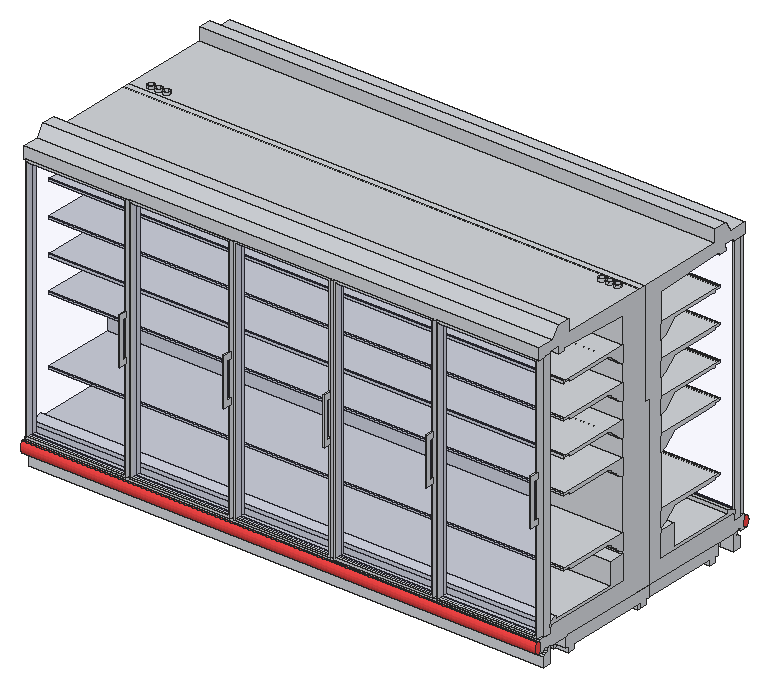
Revit family
Parameters (values of type "RLTI-5")
  URL = "www.hussmann.com"
  Model = "RLTI-5"
  Manufacturer = "HUSSMANN CORP"
  Description = "5-Door Reach-In Low Temp Island Case"
  Bumper Rail = none
  208v Elect. Def. Htrs. #2 = 19.2 A
  208v Elect. Def. Htrs. #1 = 19.2 A
  120v Lights (LED) #2 = 1.13 A
  120v Lights (LED) #1 = 1.13 A
  120v EE Fans (MCA) #2 = 10.09 A
  120v EE Fans (MCA) #1 = 10.09 A
  120v Drain Htrs. #2 = 2.5 A
  120v Drain Htrs. #1 = 2.5 A
Reference planes (in)
  plane 1 "Center (Front/Back)": y = 0
  plane 2: z = 0
  plane 3 "Center (Left/Right)": x = 0
  plane 4: x = 62
  plane 5: y = -39.57714
  plane 6: z = 4.75
  plane 7: x = 31
  plane 8: x = 30.5
  plane 9: x = 31.5
  plane 10: x = 0.5
  plane 11: x = 61.5
  plane 12: z = 82.75017
  plane 13: z = 8.25017
  plane 14: x = 30
  plane 15: x = 32
  plane 16: x = 1
  plane 17: x = 61
  plane 18: z = 8.75017
  plane 19: z = 82.25017
  plane 20: y = -38.32714
  plane 21: y = -36.45214
  plane 22: y = -40.6155
  plane 23: z = 89.00011
  plane 24: z = 86.00442
  plane 25: x = 122.875
  plane 26: x = 91.87738
  plane 27: x = 91.37738
  plane 28: x = 90.87738
  plane 29: x = 153.375
  plane 30: x = 122.37738
  plane 31: x = 121.87738
  plane 32: x = 121.37738
  plane 33: y = 39.57714
  plane 34: y = 38.32714
  plane 35: y = 36.45214
  plane 36: y = 40.6155
Forms (in)
  Extrusion 1, solid
    sketch origin (0, 2.5625, 0) x (0, 1, 0) y (0, 0, 1)
      loop
        line (-40.6, 8.25017) -> (-40.6, 4.265) -> (-39.3376, 4.265) -> (-38.7126, 5.34753) -> (-37.67764, 4.75) -> (0, 4.75) -> (0, 54.406) -> (-1.626, 54.406) -> (-1.626, 85.375) -> (-29.626, 85.375) -> (-29.626, 89.00011) -> (-33.6202, 89.00011) -> (-35.7178, 86.00442) -> (-40.87784, 86.00442) -> (-40.87784, 82.75442) -> (-36.90797, 82.75442) -> (-36.90797, 83.34417) -> (-33.56579, 83.34417) -> (-33.65569, 81.38621) -> (-31.65779, 81.29448) -> (-31.6237, 82.03699) -> (-9.64685, 81.02795) -> (-9.64685, 10.27795) -> (-36.64685, 10.27795) -> (-36.64685, 9.94983) -> (-36.98797, 9.94983) -> (-36.98797, 8.25017) -> (-40.6, 8.25017)
    from 0 to 153.375
  Extrusion 2, solid
    sketch origin (0, 2.5625, 0) x (1, 0, 0) y (0, 1, 0)
      loop
        line (4, -36.707) -> (10, -36.707) -> (10, -35.86) -> (9, -35.86) -> (9, -30.528) -> (10, -30.528) -> (10, -29.778) -> (4, -29.778) -> (4, -30.528) -> (5, -30.528) -> (5, -35.86) -> (4, -35.86) -> (4, -36.707)
      loop
        line (143.375, -36.707) -> (149.375, -36.707) -> (149.375, -35.86) -> (148.375, -35.86) -> (148.375, -30.528) -> (149.375, -30.528) -> (149.375, -29.778) -> (143.375, -29.778) -> (143.375, -30.528) -> (144.375, -30.528) -> (144.375, -35.86) -> (143.375, -35.86) -> (143.375, -36.707)
      loop
        line (97.6875, -36.707) -> (103.6875, -36.707) -> (103.6875, -35.86) -> (102.6875, -35.86) -> (102.6875, -30.528) -> (103.6875, -30.528) -> (103.6875, -29.778) -> (97.6875, -29.778) -> (97.6875, -30.528) -> (98.6875, -30.528) -> (98.6875, -35.86) -> (97.6875, -35.86) -> (97.6875, -36.707)
      loop
        line (49.6875, -36.707) -> (55.6875, -36.707) -> (55.6875, -35.86) -> (54.6875, -35.86) -> (54.6875, -30.528) -> (55.6875, -30.528) -> (55.6875, -29.778) -> (49.6875, -29.778) -> (49.6875, -30.528) -> (50.6875, -30.528) -> (50.6875, -35.86) -> (49.6875, -35.86) -> (49.6875, -36.707)
    from 0 to 4.639
  Extrusion 3, solid
    sketch origin (0, 2.5625, 0) x (0, 1, 0) y (0, 0, 1)
      loop
        line (-37.67764, 4.75) -> (-37.471, 3.6869) -> (-38.14784, 3.6869) -> (-38.22804, 3.548) -> (-38.79179, 3.34281) -> (-39, 3.02219) -> (-39, 0) -> (-36.707, 0) -> (-36.707, 4.75) -> (-37.67764, 4.75)
    from 0 to 153.375
  Extrusion 4, solid
    sketch origin (0, 2.5625, 0) x (0, 1, 0) y (0, 0, 1)
      loop
        line (-30.75, 4.75) -> (-30.75, 1.556) -> (-29.691, 1.556) -> (-29.691, 0) -> (-27.799, 0) -> (-27.799, 1.556) -> (-2.895, 1.556) -> (-2.895, 0) -> (-1.003, 0) -> (-1.003, 1.556) -> (0, 1.556) -> (0, 4.75) -> (-30.75, 4.75)
    from 0 to 153.375
  Extrusion 5, solid
    sketch origin (0, 2.5625, 0) x (0, 1, 0) y (0, 0, 1)
      loop
        line (-9.64685, 10.27795) -> (-9.64685, 17.37517) -> (-14.2885, 17.37517) -> (-14.2885, 10.94933) -> (-34.45597, 10.94933) -> (-34.45597, 11.95641) -> (-37.00724, 10.94933) -> (-37.00724, 9.94933) -> (-36.6378, 9.94933) -> (-36.6378, 10.27795) -> (-9.64685, 10.27795)
    from 0 to 153.375
  Extrusion 6, solid
    sketch origin (0, 2.5625, 0) x (0, 1, 0) y (0, 0, 1)
      loop
        line (-9.64685, 23.17405) -> (-31.4298, 23.17405) -> (-31.4298, 23.3192) -> (-31.6635, 23.21022) -> (-31.6635, 22.58599) -> (-31.29125, 22.8665) -> (-31.11141, 22.74057) -> (-29.50986, 22.74057) -> (-29.50986, 22.24057) -> (-28.63922, 22.21017) -> (-28.63922, 22.11574) -> (-14.76647, 22.11574) -> (-10.99391, 18.8565) -> (-10.00662, 18.37496) -> (-9.64685, 18.37496) -> (-9.64685, 23.17405)
      loop
        line (-9.64685, 43.17405) -> (-31.4298, 43.17405) -> (-31.4298, 43.3192) -> (-31.6635, 43.21022) -> (-31.6635, 42.58599) -> (-31.29125, 42.8665) -> (-31.11141, 42.74057) -> (-29.50986, 42.74057) -> (-29.50986, 42.24057) -> (-28.63922, 42.21017) -> (-28.63922, 42.11574) -> (-14.76647, 42.11574) -> (-10.99391, 38.8565) -> (-10.00662, 38.37496) -> (-9.64685, 38.37496) -> (-9.64685, 43.17405)
      loop
        line (-9.64685, 53.17405) -> (-31.4298, 53.17405) -> (-31.4298, 53.3192) -> (-31.6635, 53.21022) -> (-31.6635, 52.58599) -> (-31.29125, 52.8665) -> (-31.11141, 52.74057) -> (-29.50986, 52.74057) -> (-29.50986, 52.24057) -> (-28.63922, 52.21017) -> (-28.63922, 52.11574) -> (-14.76647, 52.11574) -> (-10.99391, 48.8565) -> (-10.00662, 48.37496) -> (-9.64685, 48.37496) -> (-9.64685, 53.17405)
      loop
        line (-9.64685, 63.17405) -> (-31.4298, 63.17405) -> (-31.4298, 63.3192) -> (-31.6635, 63.21022) -> (-31.6635, 62.58599) -> (-31.29125, 62.8665) -> (-31.11141, 62.74057) -> (-29.50986, 62.74057) -> (-29.50986, 62.24057) -> (-28.63922, 62.21017) -> (-28.63922, 62.11574) -> (-14.76647, 62.11574) -> (-10.99391, 58.8565) -> (-10.00662, 58.37496) -> (-9.64685, 58.37496) -> (-9.64685, 63.17405)
      loop
        line (-9.64685, 73.17405) -> (-31.4298, 73.17405) -> (-31.4298, 73.3192) -> (-31.6635, 73.21022) -> (-31.6635, 72.58599) -> (-31.29125, 72.8665) -> (-31.11141, 72.74057) -> (-29.50986, 72.74057) -> (-29.50986, 72.24057) -> (-28.63922, 72.21017) -> (-28.63922, 72.11574) -> (-14.76647, 72.11574) -> (-10.99391, 68.8565) -> (-10.00662, 68.37496) -> (-9.64685, 68.37496) -> (-9.64685, 73.17405)
    from 0 to 153.375
  Extrusion 7, solid, material "Render Material 255-0-0"
    sketch origin (0, 2.5625, 0) x (0, 1, 0) y (0, 0, 1)
      loop
        line (-40.6, 7.23837) -> (-41.07283, 7.7112) -> (-41.39244, 7.7112)
        arc (-41.39244, 7.7112) -> (-42.13964, 6.12628) -> (-41.39244, 4.54135) r 2.05454
        line (-41.39244, 4.54135) -> (-41.07408, 4.54135) -> (-40.6, 5.01543) -> (-40.6, 7.23837)
    from 0 to 153.375
  Extrusion 8, solid
    sketch origin (0, 2.5625, 0) x (0, 1, 0) y (0, 0, 1)
      loop
        line (-38.8929, 82.75442) -> (-38.8929, 8.25017) -> (-36.98797, 8.25017) -> (-36.98797, 82.75442) -> (-38.8929, 82.75442)
    from 0 to 0.5
  Extrusion 9, solid
    sketch origin (30.5, 2.46743, 0) x (0, 1, 0) y (0, 0, 1)
      loop
        line (-38.8929, 82.75442) -> (-38.8929, 8.25017) -> (-36.98797, 8.25017) -> (-36.98797, 82.75442) -> (-38.8929, 82.75442)
    from 0 to 1
  Extrusion 10, solid
    sketch origin (0, 2.5625, 0) x (1, 0, 0) y (0, 0, 1)
      loop
        line (0.5, 8.25017) -> (30.5, 8.25017) -> (30.5, 82.75442) -> (0.5, 82.75442) -> (0.5, 8.25017)
      loop
        line (1, 8.75017) -> (30, 8.75017) -> (30, 82.25017) -> (1, 82.25017) -> (1, 8.75017)
    from 39 to 40.87784
  Extrusion 11, solid, material "Glass"
    sketch origin (0, 2.5625, 0) x (1, 0, 0) y (0, 0, 1)
      loop
        line (1, 8.75017) -> (30, 8.75017) -> (30, 82.25017) -> (1, 82.25017) -> (1, 8.75017)
    from 39.65088 to 40.28076
  Extrusion 12, solid
    sketch origin (31, 2.5625, 0) x (1, 0, 0) y (0, 0, 1)
      loop
        line (0.5, 8.25017) -> (30.5, 8.25017) -> (30.5, 82.75442) -> (0.5, 82.75442) -> (0.5, 8.25017)
      loop
        line (1, 8.75017) -> (30, 8.75017) -> (30, 82.25017) -> (1, 82.25017) -> (1, 8.75017)
    from 39 to 40.87784
  Extrusion 13, solid, material "Glass"
    sketch origin (31, 2.5625, 0) x (1, 0, 0) y (0, 0, 1)
      loop
        line (1, 8.75017) -> (30, 8.75017) -> (30, 82.25017) -> (1, 82.25017) -> (1, 8.75017)
    from 39.65088 to 40.28076
  Extrusion 14, solid
    sketch origin (0, 2.5625, 0) x (0, 1, 0) y (0, 0, 1)
      loop
        line (-40.875, 52.65143) -> (-43.16337, 52.65143) -> (-43.16337, 38.65143) -> (-40.87784, 38.65143) -> (-40.87784, 40.40143) -> (-42.26191, 40.40143) -> (-42.26191, 50.90143) -> (-40.875, 50.90143) -> (-40.875, 52.65143)
    from 30 to 30.5
  Extrusion 15, solid
    sketch origin (38.5, 2.5625, 0) x (1, 0, 0) y (0, 1, 0)
      loop
        circle (38.125, -34.62535) r 0.625
      loop
        circle (38.125, -34.62535) r 0.5578
    from 3.875 to 4.75
  Extrusion 16, solid
    sketch origin (91.375, 2.5625, 0) x (1, 0, 0) y (0, 1, 0)
      loop
        circle (57.125, -5.5) r 0.9375
      loop
        circle (57.125, -5.5) r 0.84894
    from 85.375 to 86.00442
  Extrusion 17, solid
    sketch origin (89, 2.5625, 0) x (1, 0, 0) y (0, 1, 0)
      loop
        circle (57.125, -5.5) r 0.9375
      loop
        circle (57.125, -5.5) r 0.84894
    from 85.375 to 86.00442
  Extrusion 18, solid
    sketch origin (86.625, 2.5625, 0) x (1, 0, 0) y (0, 1, 0)
      loop
        circle (57.125, -5.5) r 0.9375
      loop
        circle (57.125, -5.5) r 0.84894
    from 85.36717 to 86
  Extrusion 19, solid
    sketch origin (7.25, 0.8125, 0) x (1, 0, 0) y (0, 1, 0)
      loop
        circle (2.75, -29.626) r 0.5
      loop
        circle (2.75, -29.626) r 0.47014
    from 3.875 to 4.75
  Extrusion 20, solid
    sketch origin (9.75, 0.8125, 0) x (1, 0, 0) y (0, 1, 0)
      loop
        circle (2.75, -29.626) r 0.5
      loop
        circle (2.75, -29.626) r 0.47014
    from 3.875 to 4.75
  Extrusion 21, solid
    sketch origin (12.25, 0.8125, 0) x (1, 0, 0) y (0, 1, 0)
      loop
        circle (2.75, -29.626) r 0.5
      loop
        circle (2.75, -29.626) r 0.47014
    from 3.875 to 4.75
  Extrusion 22, solid
    sketch origin (91.875, 2.5625, 0) x (1, 0, 0) y (0, 0, 1)
      loop
        line (0.5, 8.25017) -> (30, 8.25017) -> (30, 82.75442) -> (0.5, 82.75442) -> (0.5, 8.25017)
      loop
        line (1, 8.75017) -> (29.50238, 8.75017) -> (29.50238, 82.25017) -> (1, 82.25017) -> (1, 8.75017)
    from 39 to 40.87784
  Extrusion 23, solid, material "Glass"
    sketch origin (91.875, 2.5625, 0) x (1, 0, 0) y (0, 0, 1)
      loop
        line (1, 8.75017) -> (29.50238, 8.75017) -> (29.50238, 82.25017) -> (1, 82.25017) -> (1, 8.75017)
    from 39.65088 to 40.28076
  Extrusion 24, solid
    sketch origin (60.875, 2.59803, 0) x (0, 1, 0) y (0, 0, 1)
      loop
        line (-40.875, 52.65143) -> (-43.16337, 52.65143) -> (-43.16337, 38.65143) -> (-40.87784, 38.65143) -> (-40.87784, 40.40143) -> (-42.26191, 40.40143) -> (-42.26191, 50.90143) -> (-40.875, 50.90143) -> (-40.875, 52.65143)
    from 30 to 30.5
  Extrusion 25, solid
    sketch origin (61.5, 2.46743, 0) x (0, 1, 0) y (0, 0, 1)
      loop
        line (-38.8929, 82.75442) -> (-38.8929, 8.25017) -> (-36.98797, 8.25017) -> (-36.98797, 82.75442) -> (-38.8929, 82.75442)
    from 0 to 1
  Extrusion 26, solid
    sketch origin (62, 2.5625, 0) x (1, 0, 0) y (0, 0, 1)
      loop
        line (0.5, 8.25017) -> (29.37738, 8.25017) -> (29.37738, 82.75442) -> (0.5, 82.75442) -> (0.5, 8.25017)
      loop
        line (1, 8.75017) -> (28.87738, 8.75017) -> (28.87738, 82.25017) -> (1, 82.25017) -> (1, 8.75017)
    from 39 to 40.87784
  Extrusion 27, solid, material "Glass"
    sketch origin (62, 2.5625, 0) x (1, 0, 0) y (0, 0, 1)
      loop
        line (1, 8.75017) -> (28.87738, 8.75017) -> (28.87738, 82.25017) -> (1, 82.25017) -> (1, 8.75017)
    from 39.65088 to 40.28076
  Extrusion 28, solid
    sketch origin (31, 2.59803, 0) x (0, 1, 0) y (0, 0, 1)
      loop
        line (-40.875, 52.65143) -> (-43.16337, 52.65143) -> (-43.16337, 38.65143) -> (-40.87784, 38.65143) -> (-40.87784, 40.40143) -> (-42.26191, 40.40143) -> (-42.26191, 50.90143) -> (-40.875, 50.90143) -> (-40.875, 52.65143)
    from 30 to 30.5
  Extrusion 29, solid
    sketch origin (91.37738, 2.0676, 0) x (0, 1, 0) y (0, 0, 1)
      loop
        line (-38.8929, 82.75442) -> (-38.8929, 8.25017) -> (-36.98797, 8.25017) -> (-36.98797, 82.75442) -> (-38.8929, 82.75442)
    from 0 to 1
  Extrusion 30, solid
    sketch origin (91.375, 2.59803, 0) x (0, 1, 0) y (0, 0, 1)
      loop
        line (-40.875, 52.65143) -> (-43.16337, 52.65143) -> (-43.16337, 38.65143) -> (-40.87784, 38.65143) -> (-40.87784, 40.40143) -> (-42.26191, 40.40143) -> (-42.26191, 50.90143) -> (-40.875, 50.90143) -> (-40.875, 52.65143)
    from 30 to 30.5
  Extrusion 31, solid
    sketch origin (152.875, 2.5256, 0) x (0, 1, 0) y (0, 0, 1)
      loop
        line (-38.8929, 82.75442) -> (-38.8929, 8.25017) -> (-36.98797, 8.25017) -> (-36.98797, 82.75442) -> (-38.8929, 82.75442)
    from 0 to 0.5
  Extrusion 32, solid
    sketch origin (122.375, 2.5625, 0) x (1, 0, 0) y (0, 0, 1)
      loop
        line (0.5, 8.25017) -> (30.5, 8.25017) -> (30.5, 82.75442) -> (0.5, 82.75442) -> (0.5, 8.25017)
      loop
        line (1, 8.75017) -> (30, 8.75017) -> (30, 82.25017) -> (1, 82.25017) -> (1, 8.75017)
    from 39 to 40.87784
  Extrusion 33, solid, material "Glass"
    sketch origin (122.375, 2.5625, 0) x (1, 0, 0) y (0, 0, 1)
      loop
        line (1, 8.75017) -> (30, 8.75017) -> (30, 82.25017) -> (1, 82.25017) -> (1, 8.75017)
    from 39.65088 to 40.28076
  Extrusion 34, solid
    sketch origin (122.375, 2.59803, 0) x (0, 1, 0) y (0, 0, 1)
      loop
        line (-40.875, 52.65143) -> (-43.16337, 52.65143) -> (-43.16337, 38.65143) -> (-40.87784, 38.65143) -> (-40.87784, 40.40143) -> (-42.26191, 40.40143) -> (-42.26191, 50.90143) -> (-40.875, 50.90143) -> (-40.875, 52.65143)
    from 30 to 30.5
  Extrusion 35, solid
    sketch origin (121.87738, 2.0676, 0) x (0, 1, 0) y (0, 0, 1)
      loop
        line (-38.8929, 82.75442) -> (-38.8929, 8.25017) -> (-36.98797, 8.25017) -> (-36.98797, 82.75442) -> (-38.8929, 82.75442)
    from 0 to 1
  Extrusion 36, solid
    sketch origin (153.375, -2.5625, 0) x (0, -1, 0) y (0, 0, 1)
      loop
        line (-40.6, 8.25017) -> (-40.6, 4.265) -> (-39.3376, 4.265) -> (-38.7126, 5.34753) -> (-37.67764, 4.75) -> (0, 4.75) -> (0, 54.406) -> (-1.626, 54.406) -> (-1.626, 85.375) -> (-29.626, 85.375) -> (-29.626, 89.00011) -> (-33.6202, 89.00011) -> (-35.7178, 86.00442) -> (-40.87784, 86.00442) -> (-40.87784, 82.75442) -> (-36.90797, 82.75442) -> (-36.90797, 83.34417) -> (-33.56579, 83.34417) -> (-33.65569, 81.38621) -> (-31.65779, 81.29448) -> (-31.6237, 82.03699) -> (-9.64685, 81.02795) -> (-9.64685, 10.27795) -> (-36.64685, 10.27795) -> (-36.64685, 9.94983) -> (-36.98797, 9.94983) -> (-36.98797, 8.25017) -> (-40.6, 8.25017)
    from 0 to 153.375
  Extrusion 37, solid
    sketch origin (153.375, -2.5625, 0) x (-1, 0, 0) y (0, -1, 0)
      loop
        line (4, -36.707) -> (10, -36.707) -> (10, -35.86) -> (9, -35.86) -> (9, -30.528) -> (10, -30.528) -> (10, -29.778) -> (4, -29.778) -> (4, -30.528) -> (5, -30.528) -> (5, -35.86) -> (4, -35.86) -> (4, -36.707)
      loop
        line (143.375, -36.707) -> (149.375, -36.707) -> (149.375, -35.86) -> (148.375, -35.86) -> (148.375, -30.528) -> (149.375, -30.528) -> (149.375, -29.778) -> (143.375, -29.778) -> (143.375, -30.528) -> (144.375, -30.528) -> (144.375, -35.86) -> (143.375, -35.86) -> (143.375, -36.707)
      loop
        line (97.6875, -36.707) -> (103.6875, -36.707) -> (103.6875, -35.86) -> (102.6875, -35.86) -> (102.6875, -30.528) -> (103.6875, -30.528) -> (103.6875, -29.778) -> (97.6875, -29.778) -> (97.6875, -30.528) -> (98.6875, -30.528) -> (98.6875, -35.86) -> (97.6875, -35.86) -> (97.6875, -36.707)
      loop
        line (49.6875, -36.707) -> (55.6875, -36.707) -> (55.6875, -35.86) -> (54.6875, -35.86) -> (54.6875, -30.528) -> (55.6875, -30.528) -> (55.6875, -29.778) -> (49.6875, -29.778) -> (49.6875, -30.528) -> (50.6875, -30.528) -> (50.6875, -35.86) -> (49.6875, -35.86) -> (49.6875, -36.707)
    from 0 to 4.639
  Extrusion 38, solid
    sketch origin (153.375, -2.5625, 0) x (0, -1, 0) y (0, 0, 1)
      loop
        line (-37.67764, 4.75) -> (-37.471, 3.6869) -> (-38.14784, 3.6869) -> (-38.22804, 3.548) -> (-38.79179, 3.34281) -> (-39, 3.02219) -> (-39, 0) -> (-36.707, 0) -> (-36.707, 4.75) -> (-37.67764, 4.75)
    from 0 to 153.375
  Extrusion 39, solid
    sketch origin (153.375, -2.5625, 0) x (0, -1, 0) y (0, 0, 1)
      loop
        line (-30.75, 4.75) -> (-30.75, 1.556) -> (-29.691, 1.556) -> (-29.691, 0) -> (-27.799, 0) -> (-27.799, 1.556) -> (-2.895, 1.556) -> (-2.895, 0) -> (-1.003, 0) -> (-1.003, 1.556) -> (0, 1.556) -> (0, 4.75) -> (-30.75, 4.75)
    from 0 to 153.375
  Extrusion 40, solid
    sketch origin (153.375, -2.5625, 0) x (0, -1, 0) y (0, 0, 1)
      loop
        line (-9.64685, 10.27795) -> (-9.64685, 17.37517) -> (-14.2885, 17.37517) -> (-14.2885, 10.94933) -> (-34.45597, 10.94933) -> (-34.45597, 11.95641) -> (-37.00724, 10.94933) -> (-37.00724, 9.94933) -> (-36.6378, 9.94933) -> (-36.6378, 10.27795) -> (-9.64685, 10.27795)
    from 0 to 153.375
  Extrusion 41, solid
    sketch origin (153.375, -2.5625, 0) x (0, -1, 0) y (0, 0, 1)
      loop
        line (-9.64685, 23.17405) -> (-31.4298, 23.17405) -> (-31.4298, 23.3192) -> (-31.6635, 23.21022) -> (-31.6635, 22.58599) -> (-31.29125, 22.8665) -> (-31.11141, 22.74057) -> (-29.50986, 22.74057) -> (-29.50986, 22.24057) -> (-28.63922, 22.21017) -> (-28.63922, 22.11574) -> (-14.76647, 22.11574) -> (-10.99391, 18.8565) -> (-10.00662, 18.37496) -> (-9.64685, 18.37496) -> (-9.64685, 23.17405)
      loop
        line (-9.64685, 43.17405) -> (-31.4298, 43.17405) -> (-31.4298, 43.3192) -> (-31.6635, 43.21022) -> (-31.6635, 42.58599) -> (-31.29125, 42.8665) -> (-31.11141, 42.74057) -> (-29.50986, 42.74057) -> (-29.50986, 42.24057) -> (-28.63922, 42.21017) -> (-28.63922, 42.11574) -> (-14.76647, 42.11574) -> (-10.99391, 38.8565) -> (-10.00662, 38.37496) -> (-9.64685, 38.37496) -> (-9.64685, 43.17405)
      loop
        line (-9.64685, 53.17405) -> (-31.4298, 53.17405) -> (-31.4298, 53.3192) -> (-31.6635, 53.21022) -> (-31.6635, 52.58599) -> (-31.29125, 52.8665) -> (-31.11141, 52.74057) -> (-29.50986, 52.74057) -> (-29.50986, 52.24057) -> (-28.63922, 52.21017) -> (-28.63922, 52.11574) -> (-14.76647, 52.11574) -> (-10.99391, 48.8565) -> (-10.00662, 48.37496) -> (-9.64685, 48.37496) -> (-9.64685, 53.17405)
      loop
        line (-9.64685, 63.17405) -> (-31.4298, 63.17405) -> (-31.4298, 63.3192) -> (-31.6635, 63.21022) -> (-31.6635, 62.58599) -> (-31.29125, 62.8665) -> (-31.11141, 62.74057) -> (-29.50986, 62.74057) -> (-29.50986, 62.24057) -> (-28.63922, 62.21017) -> (-28.63922, 62.11574) -> (-14.76647, 62.11574) -> (-10.99391, 58.8565) -> (-10.00662, 58.37496) -> (-9.64685, 58.37496) -> (-9.64685, 63.17405)
      loop
        line (-9.64685, 73.17405) -> (-31.4298, 73.17405) -> (-31.4298, 73.3192) -> (-31.6635, 73.21022) -> (-31.6635, 72.58599) -> (-31.29125, 72.8665) -> (-31.11141, 72.74057) -> (-29.50986, 72.74057) -> (-29.50986, 72.24057) -> (-28.63922, 72.21017) -> (-28.63922, 72.11574) -> (-14.76647, 72.11574) -> (-10.99391, 68.8565) -> (-10.00662, 68.37496) -> (-9.64685, 68.37496) -> (-9.64685, 73.17405)
    from 0 to 153.375
  Extrusion 42, solid, material "Render Material 255-0-0"
    sketch origin (153.375, -2.5625, 0) x (0, -1, 0) y (0, 0, 1)
      loop
        line (-40.6, 7.23837) -> (-41.07283, 7.7112) -> (-41.39244, 7.7112)
        arc (-41.39244, 7.7112) -> (-42.13964, 6.12628) -> (-41.39244, 4.54135) r 2.05454
        line (-41.39244, 4.54135) -> (-41.07408, 4.54135) -> (-40.6, 5.01543) -> (-40.6, 7.23837)
    from 0 to 153.375
  Extrusion 43, solid
    sketch origin (153.375, -2.5625, 0) x (0, -1, 0) y (0, 0, 1)
      loop
        line (-38.8929, 82.75442) -> (-38.8929, 8.25017) -> (-36.98797, 8.25017) -> (-36.98797, 82.75442) -> (-38.8929, 82.75442)
    from 0 to 0.5
  Extrusion 44, solid
    sketch origin (122.875, -2.46743, 0) x (0, -1, 0) y (0, 0, 1)
      loop
        line (-38.8929, 82.75442) -> (-38.8929, 8.25017) -> (-36.98797, 8.25017) -> (-36.98797, 82.75442) -> (-38.8929, 82.75442)
    from 0 to 1
  Extrusion 45, solid
    sketch origin (153.375, -2.5625, 0) x (-1, 0, 0) y (0, 0, 1)
      loop
        line (0.5, 8.25017) -> (30.5, 8.25017) -> (30.5, 82.75442) -> (0.5, 82.75442) -> (0.5, 8.25017)
      loop
        line (1, 8.75017) -> (30, 8.75017) -> (30, 82.25017) -> (1, 82.25017) -> (1, 8.75017)
    from 39 to 40.87784
  Extrusion 46, solid, material "Glass"
    sketch origin (153.375, -2.5625, 0) x (-1, 0, 0) y (0, 0, 1)
      loop
        line (1, 8.75017) -> (30, 8.75017) -> (30, 82.25017) -> (1, 82.25017) -> (1, 8.75017)
    from 39.65088 to 40.28076
  Extrusion 47, solid
    sketch origin (122.375, -2.5625, 0) x (-1, 0, 0) y (0, 0, 1)
      loop
        line (0.5, 8.25017) -> (30.5, 8.25017) -> (30.5, 82.75442) -> (0.5, 82.75442) -> (0.5, 8.25017)
      loop
        line (1, 8.75017) -> (30, 8.75017) -> (30, 82.25017) -> (1, 82.25017) -> (1, 8.75017)
    from 39 to 40.87784
  Extrusion 48, solid, material "Glass"
    sketch origin (122.375, -2.5625, 0) x (-1, 0, 0) y (0, 0, 1)
      loop
        line (1, 8.75017) -> (30, 8.75017) -> (30, 82.25017) -> (1, 82.25017) -> (1, 8.75017)
    from 39.65088 to 40.28076
  Extrusion 49, solid
    sketch origin (153.375, -2.5625, 0) x (0, -1, 0) y (0, 0, 1)
      loop
        line (-40.875, 52.65143) -> (-43.16337, 52.65143) -> (-43.16337, 38.65143) -> (-40.87784, 38.65143) -> (-40.87784, 40.40143) -> (-42.26191, 40.40143) -> (-42.26191, 50.90143) -> (-40.875, 50.90143) -> (-40.875, 52.65143)
    from 30 to 30.5
  Extrusion 50, solid
    sketch origin (114.875, -2.5625, 0) x (-1, 0, 0) y (0, -1, 0)
      loop
        circle (38.125, -34.62535) r 0.625
      loop
        circle (38.125, -34.62535) r 0.5578
    from 3.875 to 4.75
  Extrusion 51, solid
    sketch origin (62, -2.5625, 0) x (-1, 0, 0) y (0, -1, 0)
      loop
        circle (57.125, -5.5) r 0.9375
      loop
        circle (57.125, -5.5) r 0.84894
    from 85.375 to 86.00442
  Extrusion 52, solid
    sketch origin (64.375, -2.5625, 0) x (-1, 0, 0) y (0, -1, 0)
      loop
        circle (57.125, -5.5) r 0.9375
      loop
        circle (57.125, -5.5) r 0.84894
    from 85.375 to 86.00442
  Extrusion 53, solid
    sketch origin (66.75, -2.5625, 0) x (-1, 0, 0) y (0, -1, 0)
      loop
        circle (57.125, -5.5) r 0.9375
      loop
        circle (57.125, -5.5) r 0.84894
    from 85.36717 to 86
  Extrusion 54, solid
    sketch origin (146.125, -0.8125, 0) x (-1, 0, 0) y (0, -1, 0)
      loop
        circle (2.75, -29.626) r 0.5
      loop
        circle (2.75, -29.626) r 0.47014
    from 3.875 to 4.75
  Extrusion 55, solid
    sketch origin (143.625, -0.8125, 0) x (-1, 0, 0) y (0, -1, 0)
      loop
        circle (2.75, -29.626) r 0.5
      loop
        circle (2.75, -29.626) r 0.47014
    from 3.875 to 4.75
  Extrusion 56, solid
    sketch origin (141.125, -0.8125, 0) x (-1, 0, 0) y (0, -1, 0)
      loop
        circle (2.75, -29.626) r 0.5
      loop
        circle (2.75, -29.626) r 0.47014
    from 3.875 to 4.75
  Extrusion 57, solid
    sketch origin (61.5, -2.5625, 0) x (-1, 0, 0) y (0, 0, 1)
      loop
        line (0.5, 8.25017) -> (30, 8.25017) -> (30, 82.75442) -> (0.5, 82.75442) -> (0.5, 8.25017)
      loop
        line (1, 8.75017) -> (29.50238, 8.75017) -> (29.50238, 82.25017) -> (1, 82.25017) -> (1, 8.75017)
    from 39 to 40.87784
  Extrusion 58, solid, material "Glass"
    sketch origin (61.5, -2.5625, 0) x (-1, 0, 0) y (0, 0, 1)
      loop
        line (1, 8.75017) -> (29.50238, 8.75017) -> (29.50238, 82.25017) -> (1, 82.25017) -> (1, 8.75017)
    from 39.65088 to 40.28076
  Extrusion 59, solid
    sketch origin (92.5, -2.59803, 0) x (0, -1, 0) y (0, 0, 1)
      loop
        line (-40.875, 52.65143) -> (-43.16337, 52.65143) -> (-43.16337, 38.65143) -> (-40.87784, 38.65143) -> (-40.87784, 40.40143) -> (-42.26191, 40.40143) -> (-42.26191, 50.90143) -> (-40.875, 50.90143) -> (-40.875, 52.65143)
    from 30 to 30.5
  Extrusion 60, solid
    sketch origin (91.875, -2.46743, 0) x (0, -1, 0) y (0, 0, 1)
      loop
        line (-38.8929, 82.75442) -> (-38.8929, 8.25017) -> (-36.98797, 8.25017) -> (-36.98797, 82.75442) -> (-38.8929, 82.75442)
    from 0 to 1
  Extrusion 61, solid
    sketch origin (91.375, -2.5625, 0) x (-1, 0, 0) y (0, 0, 1)
      loop
        line (0.5, 8.25017) -> (29.37738, 8.25017) -> (29.37738, 82.75442) -> (0.5, 82.75442) -> (0.5, 8.25017)
      loop
        line (1, 8.75017) -> (28.87738, 8.75017) -> (28.87738, 82.25017) -> (1, 82.25017) -> (1, 8.75017)
    from 39 to 40.87784
  Extrusion 62, solid, material "Glass"
    sketch origin (91.375, -2.5625, 0) x (-1, 0, 0) y (0, 0, 1)
      loop
        line (1, 8.75017) -> (28.87738, 8.75017) -> (28.87738, 82.25017) -> (1, 82.25017) -> (1, 8.75017)
    from 39.65088 to 40.28076
  Extrusion 63, solid
    sketch origin (122.375, -2.59803, 0) x (0, -1, 0) y (0, 0, 1)
      loop
        line (-40.875, 52.65143) -> (-43.16337, 52.65143) -> (-43.16337, 38.65143) -> (-40.87784, 38.65143) -> (-40.87784, 40.40143) -> (-42.26191, 40.40143) -> (-42.26191, 50.90143) -> (-40.875, 50.90143) -> (-40.875, 52.65143)
    from 30 to 30.5
  Extrusion 64, solid
    sketch origin (61.99762, -2.0676, 0) x (0, -1, 0) y (0, 0, 1)
      loop
        line (-38.8929, 82.75442) -> (-38.8929, 8.25017) -> (-36.98797, 8.25017) -> (-36.98797, 82.75442) -> (-38.8929, 82.75442)
    from 0 to 1
  Extrusion 65, solid
    sketch origin (62, -2.59803, 0) x (0, -1, 0) y (0, 0, 1)
      loop
        line (-40.875, 52.65143) -> (-43.16337, 52.65143) -> (-43.16337, 38.65143) -> (-40.87784, 38.65143) -> (-40.87784, 40.40143) -> (-42.26191, 40.40143) -> (-42.26191, 50.90143) -> (-40.875, 50.90143) -> (-40.875, 52.65143)
    from 30 to 30.5
  Extrusion 66, solid
    sketch origin (0.5, -2.5256, 0) x (0, -1, 0) y (0, 0, 1)
      loop
        line (-38.8929, 82.75442) -> (-38.8929, 8.25017) -> (-36.98797, 8.25017) -> (-36.98797, 82.75442) -> (-38.8929, 82.75442)
    from 0 to 0.5
  Extrusion 67, solid
    sketch origin (31, -2.5625, 0) x (-1, 0, 0) y (0, 0, 1)
      loop
        line (0.5, 8.25017) -> (30.5, 8.25017) -> (30.5, 82.75442) -> (0.5, 82.75442) -> (0.5, 8.25017)
      loop
        line (1, 8.75017) -> (30, 8.75017) -> (30, 82.25017) -> (1, 82.25017) -> (1, 8.75017)
    from 39 to 40.87784
  Extrusion 68, solid, material "Glass"
    sketch origin (31, -2.5625, 0) x (-1, 0, 0) y (0, 0, 1)
      loop
        line (1, 8.75017) -> (30, 8.75017) -> (30, 82.25017) -> (1, 82.25017) -> (1, 8.75017)
    from 39.65088 to 40.28076
  Extrusion 69, solid
    sketch origin (31, -2.59803, 0) x (0, -1, 0) y (0, 0, 1)
      loop
        line (-40.875, 52.65143) -> (-43.16337, 52.65143) -> (-43.16337, 38.65143) -> (-40.87784, 38.65143) -> (-40.87784, 40.40143) -> (-42.26191, 40.40143) -> (-42.26191, 50.90143) -> (-40.875, 50.90143) -> (-40.875, 52.65143)
    from 30 to 30.5
  Extrusion 70, solid
    sketch origin (31.49762, -2.0676, 0) x (0, -1, 0) y (0, 0, 1)
      loop
        line (-38.8929, 82.75442) -> (-38.8929, 8.25017) -> (-36.98797, 8.25017) -> (-36.98797, 82.75442) -> (-38.8929, 82.75442)
    from 0 to 1
Dimensions and locks (in)
  plane 20 to plane 1 "Center (Front/Back)" = 3' - 2.32714"
  plane 21 to plane 1 "Center (Front/Back)" = 3' - 0.45214"
  plane 5 to plane 1 "Center (Front/Back)" = 3' - 3.57714"
  plane 24 to level = 7' - 2.00442"
  plane 23 to level = 7' - 5.00011"
  plane 3 "Center (Left/Right)" to plane 29 = 12' - 9 3/8"
  plane 5 to plane 33 = 6' - 7.15427"  (x2)
  plane 20 to plane 34 = 6' - 4.65427"
  aligned and locked: Extrusion 8 sketch curve to Extrusion 1  (x2)
  aligned and locked: Extrusion 8 to Extrusion 10 sketch curve  (x2)
  aligned and locked: Extrusion 10 sketch curve to Extrusion 9  (x2)
  aligned and locked: Extrusion 1 to Extrusion 10
  aligned and locked: Extrusion 11 sketch curve to Extrusion 10  (x3)
  aligned and locked: Extrusion 10 to Extrusion 11 sketch curve
  aligned and locked: Extrusion 13 sketch curve to Extrusion 12  (x3)
  aligned and locked: Extrusion 12 to Extrusion 13 sketch curve
  aligned and locked: Extrusion 1 to Extrusion 6
  aligned and locked: Extrusion 1 to Extrusion 5
  aligned and locked: Extrusion 1 to Extrusion 4
  aligned and locked: Extrusion 1 to Extrusion 3
  aligned and locked: Extrusion 23 sketch curve to Extrusion 22  (x3)
  aligned and locked: Extrusion 22 to Extrusion 23 sketch curve
  aligned and locked: Extrusion 27 sketch curve to Extrusion 26  (x3)
  aligned and locked: Extrusion 26 to Extrusion 27 sketch curve
  aligned and locked: Extrusion 7 to Extrusion 1
  aligned and locked: Extrusion 33 sketch curve to Extrusion 32  (x3)
  aligned and locked: Extrusion 32 to Extrusion 33 sketch curve
  aligned and locked: Extrusion 43 sketch curve to Extrusion 36  (x2)
  aligned and locked: Extrusion 43 to Extrusion 45 sketch curve  (x2)
  aligned and locked: Extrusion 45 sketch curve to Extrusion 44  (x2)
  aligned and locked: Extrusion 45 to Extrusion 36
  aligned and locked: Extrusion 46 sketch curve to Extrusion 45  (x3)
  aligned and locked: Extrusion 45 to Extrusion 46 sketch curve
  aligned and locked: Extrusion 48 sketch curve to Extrusion 47  (x3)
  aligned and locked: Extrusion 47 to Extrusion 48 sketch curve
  aligned and locked: Extrusion 41 to Extrusion 36
  aligned and locked: Extrusion 40 to Extrusion 36
  aligned and locked: Extrusion 39 to Extrusion 36
  aligned and locked: Extrusion 38 to Extrusion 36
  aligned and locked: Extrusion 58 sketch curve to Extrusion 57  (x3)
  aligned and locked: Extrusion 57 to Extrusion 58 sketch curve
  aligned and locked: Extrusion 62 sketch curve to Extrusion 61  (x3)
  aligned and locked: Extrusion 61 to Extrusion 62 sketch curve
  aligned and locked: Extrusion 36 to Extrusion 42
  aligned and locked: Extrusion 68 sketch curve to Extrusion 67  (x3)
  aligned and locked: Extrusion 67 to Extrusion 68 sketch curve
Connectors (in)
  piping at (148.5, -2.9375, 85.375)
    settings: on Extrusion 16, index 11, connector radius 7/8", flow factor 0, pipe flow 0 GPM, pressure drop 0.00 psi, fitting loss kfactor 0, connector angle 0.00°, fixture units 0, flow configuration 0, flow direction 2, fitting loss method 0, system type 22, connector reference index -1, connector utility 0, adjustable connector no, is connector primary yes, fitting loss table "", connector description "Refrig. Suction"
  piping at (146.125, -2.9375, 85.375)
    settings: on Extrusion 17, index 12, connector radius 3/8", flow factor 0, pipe flow 0 GPM, pressure drop 0.00 psi, fitting loss kfactor 0, connector angle 0.00°, fixture units 0, flow configuration 0, flow direction 1, fitting loss method 0, system type 22, connector reference index -1, connector utility 0, adjustable connector no, is connector primary no, fitting loss table "", connector description "Refrig. Liquid"
  piping at (143.75, -2.9375, 86)
    settings: on Extrusion 18, index 13, connector radius 7/8", flow factor 0, pipe flow 0 GPM, pressure drop 0.00 psi, fitting loss kfactor 0, connector angle 0.00°, fixture units 0, flow configuration 0, flow direction 1, fitting loss method 0, system type 22, connector reference index -1, connector utility 0, adjustable connector no, is connector primary no, fitting loss table "", connector description "Refrig. Gas"
  electrical at (10, -28.8135, 3.875)
    settings: on Extrusion 19, index 14, voltage 208 V, apparent load 0 VA, apparent load phase1 0 VA, apparent load phase2 0 VA, apparent load phase3 0 VA, power factor 1, load classification "Power", number of poles 1, system type 30, power factor state 1, is connector primary yes, connector utility no, sub classification motor no, connector description ""
  electrical at (12.5, -28.8135, 3.875)
    settings: on Extrusion 20, index 15, voltage 120 V, apparent load 0 VA, apparent load phase1 0 VA, apparent load phase2 0 VA, apparent load phase3 0 VA, power factor 1, load classification "Power", number of poles 1, system type 30, power factor state 1, is connector primary no, connector utility no, sub classification motor no, connector description ""
  electrical at (15, -28.8135, 3.875)
    settings: on Extrusion 21, index 16, voltage 0 V, apparent load 0 VA, apparent load phase1 0 VA, apparent load phase2 0 VA, apparent load phase3 0 VA, power factor 1, load classification "Other", number of poles 1, system type 13, power factor state 1, is connector primary no, connector utility no, sub classification motor no, connector description ""
  piping at (76.625, -32.06285, 3.875)
    settings: on Extrusion 15, index 20, connector radius 1 1/4", flow factor 0, pipe flow 0 GPM, pressure drop 0.00 psi, fitting loss kfactor 0, connector angle 0.00°, fixture units 0, flow configuration 0, flow direction 2, fitting loss method 0, system type 16, connector reference index -1, connector utility 0, adjustable connector no, is connector primary no, fitting loss table "", connector description ""
  piping at (4.875, 2.9375, 85.375)
    settings: on Extrusion 51, index 21, connector radius 7/8", flow factor 0, pipe flow 0 GPM, pressure drop 0.00 psi, fitting loss kfactor 0, connector angle 0.00°, fixture units 0, flow configuration 0, flow direction 2, fitting loss method 0, system type 22, connector reference index -1, connector utility 0, adjustable connector no, is connector primary no, fitting loss table "", connector description "Refrig. Suction"
  piping at (7.25, 2.9375, 85.375)
    settings: on Extrusion 52, index 22, connector radius 3/8", flow factor 0, pipe flow 0 GPM, pressure drop 0.00 psi, fitting loss kfactor 0, connector angle 0.00°, fixture units 0, flow configuration 0, flow direction 1, fitting loss method 0, system type 22, connector reference index -1, connector utility 0, adjustable connector no, is connector primary no, fitting loss table "", connector description "Refrig. Liquid"
  piping at (9.625, 2.9375, 86)
    settings: on Extrusion 53, index 23, connector radius 7/8", flow factor 0, pipe flow 0 GPM, pressure drop 0.00 psi, fitting loss kfactor 0, connector angle 0.00°, fixture units 0, flow configuration 0, flow direction 1, fitting loss method 0, system type 22, connector reference index -1, connector utility 0, adjustable connector no, is connector primary no, fitting loss table "", connector description "Refrig. Gas"
  electrical at (143.375, 28.8135, 3.875)
    settings: on Extrusion 54, index 24, voltage 208 V, apparent load 0 VA, apparent load phase1 0 VA, apparent load phase2 0 VA, apparent load phase3 0 VA, power factor 1, load classification "Power", number of poles 1, system type 30, power factor state 1, is connector primary no, connector utility no, sub classification motor no, connector description ""
  electrical at (140.875, 28.8135, 3.875)
    settings: on Extrusion 55, index 25, voltage 120 V, apparent load 0 VA, apparent load phase1 0 VA, apparent load phase2 0 VA, apparent load phase3 0 VA, power factor 1, load classification "Power", number of poles 1, system type 30, power factor state 1, is connector primary no, connector utility no, sub classification motor no, connector description ""
  electrical at (138.375, 28.8135, 3.875)
    settings: on Extrusion 56, index 26, voltage 0 V, apparent load 0 VA, apparent load phase1 0 VA, apparent load phase2 0 VA, apparent load phase3 0 VA, power factor 1, load classification "Other", number of poles 1, system type 13, power factor state 1, is connector primary no, connector utility no, sub classification motor no, connector description ""
  piping at (76.75, 32.06285, 3.875)
    settings: on Extrusion 50, index 30, connector radius 1 1/4", flow factor 0, pipe flow 0 GPM, pressure drop 0.00 psi, fitting loss kfactor 0, connector angle 0.00°, fixture units 0, flow configuration 0, flow direction 2, fitting loss method 0, system type 16, connector reference index -1, connector utility 0, adjustable connector no, is connector primary no, fitting loss table "", connector description ""
